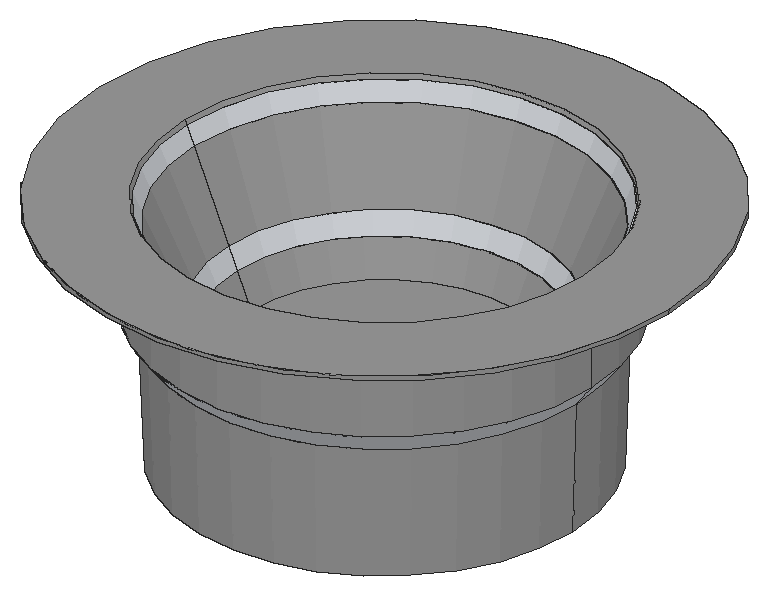
Revit family "2070295", category Lighting Fixtures, host Face, Revit 2018
Family settings
  Host = Face
  Round Connector Dimension = Use Diameter
  Part Type = Normal
  OmniClass Number = 23.80.70.00
  OmniClass Title = Lighting
  Cut with Voids When Loaded = No
  Light Source = Yes
  Shared = No
  Room Calculation Point = No
Parameters (values of type "2070295 SOLSTICE 250  2300LM 930   SSA")
  Weight = "n/a"
  Wattage Comments = ""
  Wattage = 9.2903 W
  WarrantyStartDate [instance] = "n/a"
  WarrantyGuarantorParts = "n/a"
  WarrantyDurationUnit = "n/a"
  WarrantyDurationParts = ""
  WarrantyDescription = "http://www.sylvania-lighting.com"
  built-in parameter 1150110 = 1 (stored number, unit not read)
  Voltage = 0 V
  URL = "0.96"
  TypeName = "Solstice 250  2300lm 930   SSA"
  Type Image = <None>
  Type Comments = "n/a"
  built-in parameter 1114217 = 1 (stored number, unit not read)
  Tilt Angle = -90.00°
  built-in parameter 1150109 = 1 (stored number, unit not read)
  built-in parameter 1150134 = 3
  built-in parameter 1150113 = 1 (stored number, unit not read)
  SerialNumber [instance] = "n/a"
  Photometric Web File = "2070395.ies"
  Material_3_SYL = none
  PowerFactor = 0
  PowerConsumption = "Lighting"
  NominalLength = 266 mm
  NominalHeight = 107 mm
  NominalDepth = 266 mm
  Name = "Solstice 250  2300lm 930   SSA"
  ModelReference = Name  # "Solstice 250  2300lm 930   SSA"
  ModelNumber = "2070295"
  Model = Name  # "Solstice 250  2300lm 930   SSA"
  Material = "Feilo Sylvania"
  ManufacturerName = "135 lm/W"
  Manufacturer = ""
  LuminousEfficacy = ""
  built-in parameter 1150105 = 109.82 (stored number, unit not read)
  Lumens = 1380 lm
  LuminaireType = "0"
  built-in parameter 1150115 = 1 (stored number, unit not read)
  LightOutputRatio = "LED"
  built-in parameter 1150137 = (empty or 0)
  built-in parameter 1150139 = (empty or 0)
  LampsType = Lamp  # "n/a"
  LampNominalLuminous = "3000 K"
  LampMacAdamStep = "90"
  LampColourTemperature = "LED"
  LampColourRenderingIndex = "16500"
  built-in parameter 1150112 = 1 (stored number, unit not read)
  built-in parameter 1150114 = 1 (stored number, unit not read)
  Lamp = "n/a"
  Keynote = "n/a"
  InstallationDate [instance] = "n/a"
  InputVoltage = "0"
  InputNominalFrequency = "3000"
  built-in parameter 1150132 = (empty or 0)
  built-in parameter 1150102 = (empty or 0)
  built-in parameter 1150107 = 3200 (stored number, unit not read)
  built-in parameter 1150138 = (empty or 0)
  IngressProtection = "IfcLightFixtureType"
  ImpactProtectionIndex = "IfcLightFixtureType"
  built-in parameter 1150106 = 1.0982 (stored number, unit not read)
  IfcExportType = "IfcLightFixtureType"
  IfcExportAs = "Class II"
  Emit from Circle Diameter = 609.6 mm
  Emit Shape Visible in Rendering = no
  ElectricShockClassification = "135"
  built-in parameter 1150104 = 13.8 (stored number, unit not read)
  DocumentationLiterature = "http://www.sylvania-lighting.com/product/en-int/products/2070295"
  DimmingControlOptions = "n/a"
  Material_2_SYL = none
  Dimming Lamp Color Temperature Shift = <None>
  Description = "The Solstice 250  2300lm 930   SSAis a high efficient SSAdimmable downlight luminaire, Colour rendering index Ra>90, Colour temperature: 3000K Warm White, Class II, Protection rating IP40/IP20, Cut out dimensions: 250mm."
  Default Elevation = 1219.2 mm
  CreatedOn = "03/08/2023"
  CreatedBy = "@sylvania-lighting.com"
  Cost = 0
  Color Filter = 16777215
  built-in parameter 1114216 [instance] = (empty or 0)
  ClassificationValue = "EF_70_80"
  ClassificationName = "Uniclass2015"
  Material_1_SYL = none
  BarCode [instance] = "n/a"
  built-in parameter 1114218 = 1 (stored number, unit not read)
  built-in parameter 1150133 = 10 (stored number, unit not read)
  AssetType = "Fixed"
  AssetIdentifier [instance] = "n/a"
  Assembly Code = "D5020200"
  Apparent Load = 17 VA
  Material_4_SYL = none
Reference planes
  plane 1 "Center (Front/Back)": y = 0
  plane 2: z = 0
  plane 3 "Center (Left/Right)": x = 0
  plane 4: x = -133
  plane 5: x = 133
  plane 6: y = 133
  plane 7: y = -133
  plane 8: y = 75
  plane 9: y = -75
  plane 10: y = 73
  plane 11: y = -73
  plane 12: x = 73
  plane 13: x = 75
  plane 14: x = 66
  plane 15: z = 3.8
  plane 16: x = -66.957
  plane 17: x = -66
  plane 18: z = -43.783
  plane 19: x = 66.001
  plane 20: x = 64.013
  plane 21: x = -64
  plane 22: z = -45.791
  plane 23: x = 69.732
  plane 24: z = -107
  plane 25: z = -53
  plane 26: z = -7.783
Forms (mm)
  Blend 1, solid, material "Aluminum", detail levels medium+fine
    base sketch origin (0, 0, 0) x (1, 0, 0) y (0, 1, 0)
      loop
        circle (0, 0) r 133
    top sketch origin (0, 0, 0) x (1, 0, 0) y (0, 1, 0)
      loop
        circle (0, 0) r 133
    from 0 to 1.8
  Extrusion 2, void
    sketch origin (0, 0, 0) x (1, 0, 0) y (0, 1, 0)
      loop
        circle (0, 0) r 73
    from 0 to 1.8
  Blend 3, solid, material "Aluminum", detail levels medium+fine
    base sketch origin (0, 0, 0) x (1, 0, 0) y (0, 1, 0)
      loop
        circle (0, 0) r 97
    top sketch origin (0, 0, 0) x (1, 0, 0) y (0, 1, 0)
      loop
        circle (0, 0) r 97
    from -43.783 to -7.783
  Blend 4, solid, detail levels medium+fine
    base sketch origin (0, 0, 0) x (1, 0, 0) y (0, 1, 0)
      loop
        circle (0, 0) r 120
    top sketch origin (0, 0, 0) x (1, 0, 0) y (0, 1, 0)
      loop
        circle (0, 0) r 97
    from 0 to -7.783
  Blend 5, solid, detail levels medium+fine
    base sketch origin (0, 0, 0) x (1, 0, 0) y (0, 1, 0)
      loop
        circle (0, 0) r 97
    top sketch origin (0, 0, 0) x (1, 0, 0) y (0, 1, 0)
      loop
        circle (0, 0) r 90
    from -43.783 to -52.783
  Blend 6, solid, material "Aluminum", detail levels medium+fine
    base sketch origin (0, 0, 0) x (1, 0, 0) y (0, 1, 0)
      loop
        circle (0, 0) r 88
    top sketch origin (0, 0, 0) x (1, 0, 0) y (0, 1, 0)
      loop
        circle (0, 0) r 90
    from -107 to -52.783
  Blend 7, void
    base sketch origin (0, 1219.2, 38) x (1, 0, 0) y (0, 1, 0)
      loop
        circle (0, -1219.2) r 94
    top sketch origin (0, 1219.2, 38) x (1, 0, 0) y (0, 1, 0)
      loop
        circle (0, -1219.2) r 62
    from -34.405 to -106.2
  Extrusion 8, solid, material "Glass, White, High Luminance", detail levels fine
    sketch origin (0, 0, 0) x (1, 0, 0) y (0, 1, 0)
      loop
        circle (0, 0) r 62
    from -68.2 to -67.156
  Extrusion 9, solid, detail levels coarse
    sketch origin (319, 1524, 1219.2) x (0, 1, 0) y (0, 0, 1)
      loop
        line (-1391, -1217.4) -> (-1657, -1217.4) -> (-1657, -1326.2) -> (-1391, -1326.2) -> (-1391, -1217.4)
    from -452 to -186
Cuts and joins
  Extrusion 2, Blend 7 cuts Blend 1
  Blend 7 cuts Blend 4
  Extrusion 2, Blend 7 cuts Blend 3
  Blend 7 cuts Blend 5
  Blend 7 cuts Blend 6
Dimensions and locks
  "NominalLength": plane 4 to plane 5
  equal spacing: plane 4, plane 3 "Center (Left/Right)", plane 5
  "NominalDepth": plane 6 to plane 7
  equal spacing: plane 6, plane 1 "Center (Front/Back)", plane 7
  "NominalHeight": host face to plane 24
  aligned and locked: plane 2 to host face
  aligned and locked: level to host face
Automatic sketch dimensions
  host sketch curve to host sketch curve = 2438.4 mm  (x2)
  plane 1 "Center (Front/Back)" to Blend 1 sketch curve = 0 mm  (x2)
  Blend 1 sketch curve to plane 3 "Center (Left/Right)" = 0 mm  (x2)
  plane 1 "Center (Front/Back)" to Extrusion 2 sketch curve = 0 mm
  Extrusion 2 sketch curve to plane 3 "Center (Left/Right)" = 0 mm
  plane 1 "Center (Front/Back)" to Blend 3 sketch curve = 0 mm  (x2)
  Blend 3 sketch curve to plane 3 "Center (Left/Right)" = 0 mm  (x2)
  plane 1 "Center (Front/Back)" to Blend 4 sketch curve = 0 mm  (x2)
  Blend 4 sketch curve to plane 3 "Center (Left/Right)" = 0 mm  (x2)
  plane 1 "Center (Front/Back)" to Blend 5 sketch curve = 0 mm  (x2)
  Blend 5 sketch curve to plane 3 "Center (Left/Right)" = 0 mm  (x2)
  plane 1 "Center (Front/Back)" to Blend 6 sketch curve = 0 mm  (x2)
  Blend 6 sketch curve to plane 3 "Center (Left/Right)" = 0 mm  (x2)
  plane 1 "Center (Front/Back)" to Blend 7 sketch curve = 0 mm  (x2)
  Blend 7 sketch curve to plane 3 "Center (Left/Right)" = 0 mm  (x2)
  plane 1 "Center (Front/Back)" to Extrusion 8 sketch curve = 0 mm
  Extrusion 8 sketch curve to plane 3 "Center (Left/Right)" = 0 mm
  Extrusion 9 sketch curve to plane 24 = 0 mm
  level to Extrusion 9 sketch curve = 1.8 mm
  Extrusion 9 sketch curve to plane 7 = 0 mm
  plane 6 to Extrusion 9 sketch curve = 0 mm
  radius of Blend 1 sketch curve = 133 mm  (x2)
  radius of Extrusion 2 sketch curve = 73 mm
  radius of Blend 3 sketch curve = 97 mm  (x2)
  radius of Blend 4 sketch curve = 120 mm
  radius of Blend 4 sketch curve = 97 mm
  radius of Blend 5 sketch curve = 97 mm
  radius of Blend 5 sketch curve = 90 mm
  radius of Blend 6 sketch curve = 88 mm
  radius of Blend 6 sketch curve = 90 mm
  radius of Blend 7 sketch curve = 94 mm
  radius of Blend 7 sketch curve = 62 mm
  radius of Extrusion 8 sketch curve = 62 mm
Connectors
  electrical at (0, 0, -107)
    settings: on Blend 6, index 1, voltage 0 V, apparent load 0 VA, apparent load phase1 0 VA, apparent load phase2 0 VA, apparent load phase3 0 VA, power factor 1, load classification "Other", number of poles 1, system type 31, power factor state 1, is connector primary yes, connector utility no, sub classification motor no, connector description ""
